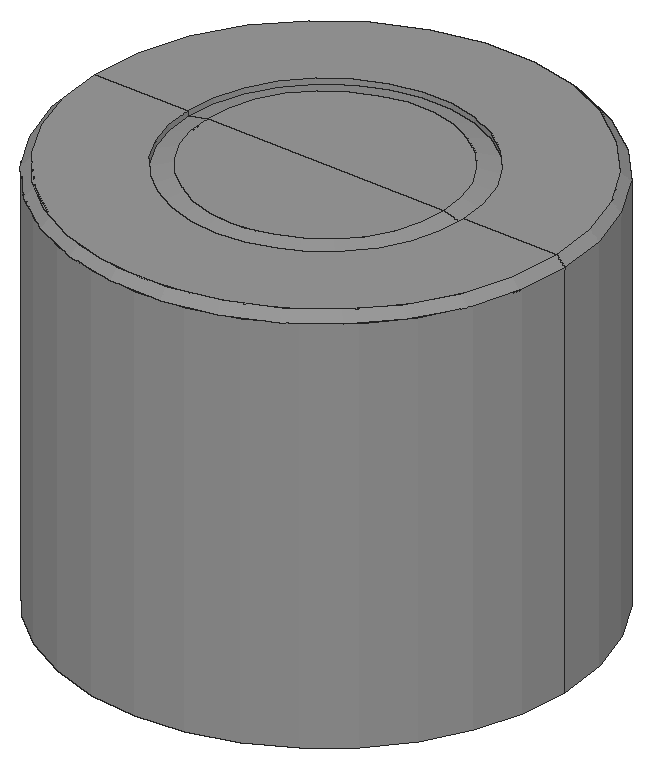
Revit family "4069275 Sylvania Lighting Fixture PATHE GROUND ROUND2 WIDE 76LM LED 3K", category Lighting Fixtures, host Face, Revit 2016
Family settings
  Host = Face
  Part Type = Normal
  Round Connector Dimension = Use Diameter
  OmniClass Number = 23.80.70.00
  OmniClass Title = Lighting
  Cut with Voids When Loaded = No
  Light Source = Yes
  Shared = No
  Room Calculation Point = No
Parameters (values of type "4069275 PATHE/G/R2 WIDE 76LM LED 3K")
  Weight = "0.6 kg"
  Wattage Comments = ""
  Wattage = 1.5 W
  WarrantyStartDate [instance] = "n/a"
  WarrantyGuarantorParts = "n/a"
  WarrantyDurationUnit = "n/a"
  WarrantyDurationParts = "n/a"
  WarrantyDescription = "n/a"
  built-in parameter 1150110 = 1 (stored number, unit not read)
  Voltage = 0 V
  URL = "http://www.sylvania-lighting.com"
  TypeName = "PATHE/GROUND/ROUND2 WIDE 76LM LED 3K"
  Type Image = <None>
  Type Comments = "n/a"
  built-in parameter 1114217 = 1 (stored number, unit not read)
  Tilt Angle = -90.00°
  built-in parameter 1150109 = 1 (stored number, unit not read)
  built-in parameter 1150134 = (empty or 0)
  built-in parameter 1150113 = 1 (stored number, unit not read)
  SerialNumber [instance] = "n/a"
  Radius_SYL = 47.5 mm
  RadiusDiffuser_SYL = 27.5 mm
  Photometric Web File = "4069275.ies"
  Material_3_SYL = none
  PowerFactor = 0
  PowerConsumption = "1.5 W"
  NominalLength = 95 mm
  NominalHeight = 75 mm
  NominalDepth = 0 mm
  Name = "PATHE/GROUND/ROUND2 WIDE 76LM LED 3K"
  ModelReference = Name  # "PATHE/GROUND/ROUND2 WIDE 76LM LED 3K"
  ModelNumber = "4069275"
  Model = Name  # "PATHE/GROUND/ROUND2 WIDE 76LM LED 3K"
  Material = "corrosion resistant die-cast aluminium housing, anti uv polycarbonate diffuser"
  ManufacturerName = "Feilo Sylvania"
  Manufacturer = "Feilo Sylvania"
  LuminousEfficacy = "50.66 lm/W"
  built-in parameter 1150105 = 6.0479 (stored number, unit not read)
  Lumens = 76 lm
  LuminaireType = ""
  built-in parameter 1150115 = 1 (stored number, unit not read)
  LightOutputRatio = "100"
  built-in parameter 1150137 = (empty or 0)
  built-in parameter 1150139 = (empty or 0)
  LampsType = Lamp  # "LED"
  LampNominalLuminous = "76 lm"
  LampMacAdamStep = "n/a"
  LampColourTemperature = "3000 K"
  LampColourRenderingIndex = "80"
  built-in parameter 1150112 = 1 (stored number, unit not read)
  built-in parameter 1150114 = 1 (stored number, unit not read)
  Lamp = "LED"
  Keynote = "16500"
  InstallationDate [instance] = "n/a"
  InputVoltage = "n/a"
  InputNominalFrequency = "n/a"
  built-in parameter 1150132 = (empty or 0)
  built-in parameter 1150102 = (empty or 0)
  built-in parameter 1150107 = 3000 (stored number, unit not read)
  built-in parameter 1150138 = (empty or 0)
  IngressProtection = "IP67"
  ImpactProtectionIndex = "IK08"
  built-in parameter 1150106 = 0.060479 (stored number, unit not read)
  IfcExportType = "IfcLightFixtureType"
  IfcExportAs = "IfcLightFixtureType"
  HieghtTop_SYL = 2.2 mm
  ExpectedLife = 50000
  Emit from Circle Diameter = RadiusDiffuser_SYL * 2  # 55 mm
  Emit Shape Visible in Rendering = no
  ElectricShockClassification = "Class I"
  built-in parameter 1150104 = 4.7071 (stored number, unit not read)
  DurationUnit = "hours"
  DocumentationLiterature = "http://www.sylvania-lighting.com/product/en-int/products/4069275"
  DimmingControlOptions = "n/a"
  Material_2_SYL = Polycarbonate, Clear
  Dimming Lamp Color Temperature Shift = <None>
  Description = "Round recessed ground luminaireCorrosion resistant die-cast aluminium, 76lm, 1.5W, 51lm/W, 3000K, CRI80+, 50°, non dimmable, IP67, IK08, (ØxD) Ø95x75mm, 3 step MacAdam ellipse, Class I, 220-240V, A++ A+ A"
  Default Elevation = 1219.2 mm
  CreatedOn = "9/21/2018"
  CreatedBy = "@sylvania-lighting.com"
  Cost = 0
  Color Filter = 16777215
  built-in parameter 1114216 [instance] = (empty or 0)
  ClassificationValue = "EF_70_80"
  ClassificationName = "Uniclass2015"
  Material_1_SYL = Aluminum 6061 T6 80 Hot Formed
  ChamferTop_SYL = 1.7 mm
  ChamferDiffuserTop_SYL = 4 mm
  ChamferDiffuserSide_SYL = 1 mm
  BarCode [instance] = "n/a"
  built-in parameter 1114218 = 1 (stored number, unit not read)
  built-in parameter 1150133 = 10 (stored number, unit not read)
  AssetType = "Fixed"
  AssetIdentifier [instance] = "n/a"
  Assembly Code = "D5020200"
  Apparent Load = 1.5 VA
  Material_4_SYL = none
Reference planes
  plane 1 "Center (Front/Back)": y = 0
  plane 2: z = 0
  plane 3 "Center (Left/Right)": x = 0
  plane 4: x = -40
  plane 5: x = -47.5
  plane 6: z = -75
  plane 7: x = -27.5
  plane 8: z = 2.2
  plane 9: x = -45.8
  plane 10: z = -36
  plane 11: z = -29.5
  plane 12: x = -23.5
  plane 13: z = 1.2
  plane 14: z = -6
  plane 15: z = 0.5
Forms (mm)
  Revolve 1, solid, material "Aluminum 6061 T6 80 Hot Formed" <- "Material_1_SYL"
    sketch origin (0, 0, 0) x (1, 0, 0) y (0, 0, 1)
      loop
        line (-47.5, -75) -> (0, -75) -> (0, -6) -> (-45.8, -6) -> (-45.8, 0) -> (-27.5, 0) -> (-27.5, 2.2) -> (-45.8, 2.2) -> (-47.5, 0.5) -> (-47.5, -75)
      axis (0, 2.2) -> (0, -75)
    angle from 360 to 0
  Revolve 2, solid, material "Polycarbonate, Clear" <- "Material_2_SYL"
    sketch origin (0, 0, 0) x (1, 0, 0) y (0, 0, 1)
      loop
        line (-27.5, 1.2) -> (-27.5, 0) -> (0, 0) -> (0, 2.2) -> (-23.5, 2.2) -> (-27.5, 1.2)
      axis (0, 2.2) -> (0, 0)
    angle from 360 to 0
  Revolve 3, void
    sketch origin (0, 0, 0) x (1, 0, 0) y (0, 0, 1)
      loop
        line (0, -75) -> (0, 0) -> (-47.5, 0) -> (-47.5, -75) -> (0, -75)
      axis (0, 0) -> (0, -75)
    angle from 360 to 0
Cuts and joins
  Revolve 3 cuts Revolve 2
Dimensions and locks
  locked: plane 2 to plane 6 at 75
  locked: plane 3 "Center (Left/Right)" to plane 4 at 40
  "Radius_SYL": plane 3 "Center (Left/Right)" to plane 5
  "RadiusDiffuser_SYL": plane 3 "Center (Left/Right)" to plane 7
  "ChamferTop_SYL": plane 9 to plane 5
  "ChamferDiffuserSide_SYL": plane 8 to plane 13
  "ChamferDiffuserTop_SYL": plane 12 to plane 7
  locked: plane 2 to plane 14 at 6
  "ChamferTop_SYL": plane 8 to plane 15
  "HieghtTop_SYL": plane 8 to plane 2
  aligned and locked: plane 2 to host face
  aligned and locked: level to host face
  aligned and locked: Revolve 1 sketch curve to plane 3 "Center (Left/Right)"  (x2)
  aligned and locked: plane 5 to Revolve 1 sketch curve
  aligned and locked: plane 8 to Revolve 1 sketch curve
  aligned and locked: level to Revolve 1 sketch curve
  aligned and locked: plane 9 to Revolve 1 sketch curve  (x2)
  aligned and locked: plane 7 to Revolve 1 sketch curve
  aligned and locked: plane 8 to Revolve 2 sketch curve
  aligned and locked: Revolve 2 sketch curve to plane 3 "Center (Left/Right)"  (x2)
  aligned and locked: Revolve 1 to Revolve 2 sketch curve
  aligned and locked: plane 14 to Revolve 1 sketch curve
  aligned and locked: plane 12 to Revolve 2 sketch curve
  aligned and locked: plane 7 to Revolve 2 sketch curve
  aligned and locked: plane 13 to Revolve 2 sketch curve
  aligned and locked: imposter light to plane 8
  aligned and locked: imposter light to plane 1 "Center (Front/Back)"
  aligned and locked: plane 3 "Center (Left/Right)" to imposter light
  aligned and locked: plane 15 to Revolve 1 sketch curve
  aligned and locked: plane 6 to Revolve 1 sketch curve
  aligned and locked: Revolve 3 sketch curve to plane 3 "Center (Left/Right)"  (x2)
  aligned and locked: Revolve 3 sketch curve to Revolve 1
  aligned and locked: Revolve 3 sketch curve to level
  aligned and locked: plane 5 to Revolve 3 sketch curve
Automatic sketch dimensions
  host sketch curve to host sketch curve = 2438.4 mm  (x2)
  plane 6 to Revolve 2 sketch curve = 534.6 mm
  Revolve 2 sketch curve to Revolve 2 sketch curve = 2607.058 mm
  plane 6 to Revolve 1 sketch curve = 534.6 mm
  Revolve 1 sketch curve to plane 8 = 2607.058 mm
  plane 6 to Revolve 3 sketch curve = 534.6 mm
  Revolve 3 sketch curve to plane 8 = 2607.058 mm
Connectors
  electrical at (0, 0, 0), driven by "Apparent Load", driven by "PowerFactor", driven by "Voltage"
    settings: index 1, voltage 0 V, apparent load 1.5 VA, apparent load phase1 0 VA, apparent load phase2 0 VA, apparent load phase3 0 VA, power factor 0, load classification "Lighting", number of poles 1, system type 30, power factor state 1, is connector primary yes, connector utility no, sub classification motor no, connector description ""
